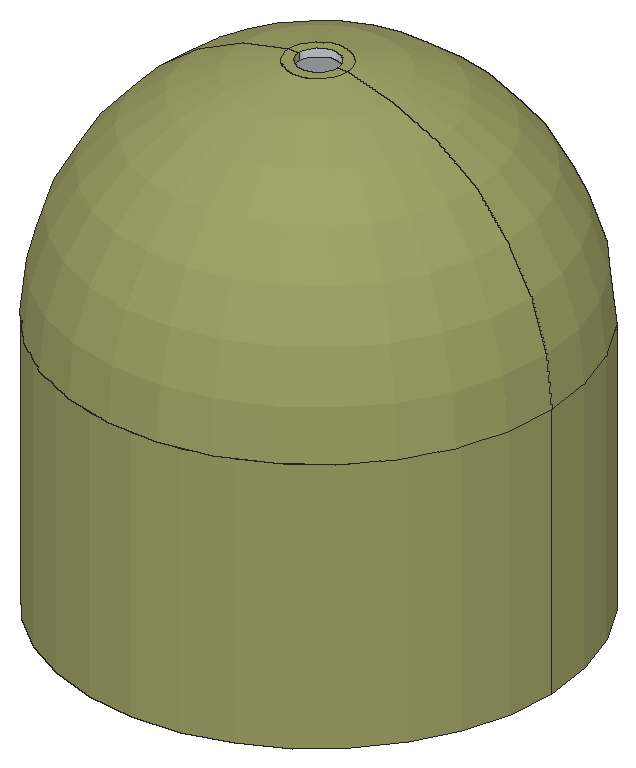
Revit family "PEB SHADE", category Lighting Fixtures, Revit 2024
Family settings
  Round Connector Dimension = Use Diameter
  Part Type = Normal
  OmniClass Number = 23.80.70.00
  OmniClass Title = Lighting
  Work Plane-Based = No
  Always vertical = Yes
  Cut with Voids When Loaded = No
  Light Source = Yes
  Maintain Annotation Orientation = No
  Shared = No
  Room Calculation Point = No
Parameters
  Wattage = 12.1178 W
  built-in parameter 1150110 = 1 (stored number, unit not read)
  built-in parameter 1114217 = 1 (stored number, unit not read)
  built-in parameter 1150109 = 1 (stored number, unit not read)
  built-in parameter 1150134 = (empty or 0)
  built-in parameter 1150113 = 1 (stored number, unit not read)
  Lumens = 1800 lm
  built-in parameter 1150115 = 1 (stored number, unit not read)
  built-in parameter 1150105 = 572.96 (stored number, unit not read)
  Light Source Symbol Size = 2' - 0"
  built-in parameter 1150137 = (empty or 0)
  built-in parameter 1150139 = (empty or 0)
  built-in parameter 1150112 = 1 (stored number, unit not read)
  built-in parameter 1150114 = 1 (stored number, unit not read)
  built-in parameter 1150132 = 2
  built-in parameter 1150102 = (empty or 0)
  built-in parameter 1150138 = (empty or 0)
  built-in parameter 1150107 = 3000 (stored number, unit not read)
  built-in parameter 1150106 = 5.7296 (stored number, unit not read)
  built-in parameter 1150104 = 13.8 (stored number, unit not read)
  Dimming Lamp Color Temperature Shift = (empty or 0)
  Default Elevation = 0' - 0"
  Color Filter = 16777215
  built-in parameter 1114218 = 1 (stored number, unit not read)
  built-in parameter 1150133 = 10 (stored number, unit not read)
Reference planes (in)
  plane 1 "Light Source Axis (F/B)": y = 0
  plane 2: z = 0
  plane 3 "Light Source Axis (L/R)": x = 0
  plane 4 "Light Source Elevation": z = 84
Forms (in)
  Revolve 1, solid
    sketch origin (0, 0, 0) x (1, 0, 0) y (0, 0, 1)
      loop
        line (-0.25, 90.15625) -> (-0.25, 90.25) -> (-0.3756, 90.25)
        arc (-0.3756, 90.25) -> (-2.2502, 89.25769) -> (-3, 87.2736) r 3
        line (-3, 87.2736) -> (-3, 84) -> (-2.90625, 84) -> (-2.90625, 87.2736)
        arc (-2.90625, 87.2736) -> (-2.18181, 89.1935) -> (-0.36966, 90.15625) r 2.90625
        line (-0.36966, 90.15625) -> (-0.25, 90.15625)
      axis (0, 84) -> (0, 90.25)
    angle from 0 to 360
Dimensions and locks (in)
  aligned and locked: plane 3 "Light Source Axis (L/R)" to imposter light
  aligned and locked: plane 1 "Light Source Axis (F/B)" to imposter light
  aligned and locked: plane 4 "Light Source Elevation" to imposter light
  aligned and locked: level to plane 2
